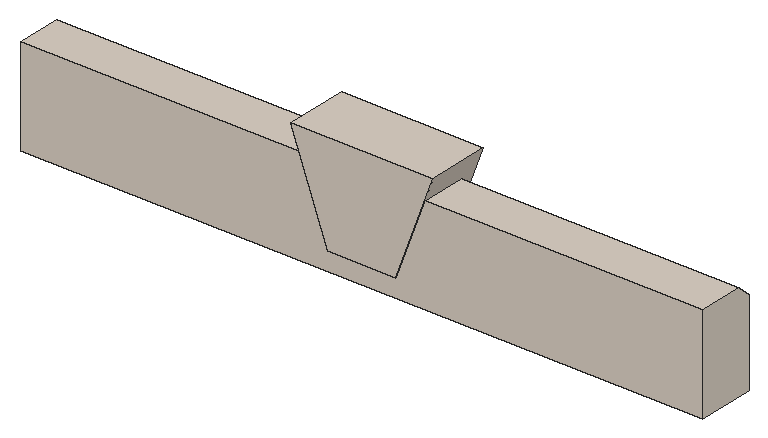
Revit family
Parameters (values of type "125 x 215mm Deep")
  Opening Width [instance] = 1210.0 mm
  Keynote = "F"
  Head Stone Width = 150.0 mm
  Head Stone Offset from Ext = 40.0 mm
  Head Stone Height = 225.0 mm
  Head Above Lintol = 50.0 mm
  Material Lintol = Stone Cill
  Height to U/S Lintol [instance] = 2110.0 mm
  Cill/Lintol Width = 125.0 mm
  Cill/Lintol Offset from Ext = 25.0 mm
  Cill/Lintol Length [instance] = Opening Width + 2 * (Cill Lintol Bearing)  # 1510.0 mm
  Cill/Lintol Depth = 215.0 mm
  Cill Lintol Bearing = 150.0 mm
Types (2, lengths in mm): name | Head Stone Width | Head Stone Height | Head Above Lintol | Cill/Lintol Depth
  125 x 215mm Deep | 150.0 | 225.0 | 50.0 | 215.0
  125 x 150mm Deep | 100.0 | 150.0 | 25.0 | 150.0
Reference planes
  plane 1 "Wall": y = -11.298
  plane 2 "Center (Left/Right)": x = 161.814
  plane 3 "Back": y = 138.702
  plane 4 "U/S Lintol": z = 2325
  plane 5: x = 766.814
  plane 6: x = -443.186
  plane 7: x = 916.814
  plane 8: x = -593.186
  plane 9: y = 163.702
  plane 10: y = 38.702
  plane 11: z = 2110
  plane 12: z = 2375
  plane 13: z = 2150
  plane 14: y = 178.702
  plane 15: x = 236.814
  plane 16: x = 86.814
Forms (mm)
  Extrusion 1, void
    sketch origin (0, 138.702, 0) x (-1, 0, 0) y (0, 0, 1)
      loop
        line (-916.814, 2325) -> (-916.814, 2110) -> (593.186, 2110) -> (593.186, 2325) -> (-916.814, 2325)
    from 0 to -100
  Extrusion 2, solid, material "Stone Cill" <- "Material Lintol"
    sketch origin (0, 138.702, 0) x (1, 0, 0) y (0, 0, 1)
      loop
        line (916.814, 2325) -> (-593.186, 2325) -> (-593.186, 2110) -> (916.814, 2110) -> (916.814, 2325)
    from -25 to 100
  Sweep 3, void
    path origin (-593.186, 38.702, 2110) x (1, 0, 0) y (0, 1, 0)
      loop
        line (65.147, 184.853) -> (150, 100) -> (1360, 100) -> (1444.853, 184.853)
    profile origin (161.814, 0, 0) x (0, 1, 0) y (0, 0, 1)
      loop
        line (163.702, 2110) -> (163.702, 2135) -> (138.702, 2110) -> (163.702, 2110)
  Sweep 4, void
    path in 3D
      loop
        line (-593.186, 163.702, 2325) -> (916.814, 163.702, 2325)
    profile origin (161.814, 0, 0) x (0, 1, 0) y (0, 0, 1)
      loop
        line (163.702, 2325) -> (138.702, 2325) -> (163.702, 2300) -> (163.702, 2325)
  Extrusion 5, solid, material "Stone Cill" <- "Material Lintol"
    sketch origin (472.054, 178.702, 0) x (0, 0, 1) y (1, 0, 0)
      loop
        line (2150, -385.24) -> (2375, -467.133) -> (2375, -153.346) -> (2150, -235.24) -> (2150, -385.24)
    from -140 to 0
Cuts and joins
  Sweep 3, Sweep 4 cuts Extrusion 2
Lines and regions (mm)
  sketch lines
    curve 1: line (-593.186, 163.702, 2325) -> (916.814, 163.702, 2325)
  symbolic lines, style "Window Cill"
    curve 2: line (0, 178.702, 2150) -> (0, 178.702, 2375)
    curve 3: line (0, 178.702, 2375) -> (0, 138.702, 2375)
    curve 4: line (0, 163.702, 2150) -> (0, 178.702, 2150)
Text (mm)
  text "Placement side" at (-1848.837, 1116.779, 0), in view "Ref. Level"
  text "Placement side" at (0, 1409.804, 2854.306), in view "Left"
  text "Placement side" at (0, 499.811, 2980.732), in view "Right"
Dimensions and locks
  locked: plane 3 "Back" to host wall
  equal spacing: plane 5, plane 2 "Center (Left/Right)", plane 6
  "Opening Width": plane 5 to plane 6
  "Cill Lintol Bearing": plane 7 to plane 5
  "Cill Lintol Bearing": plane 6 to plane 8
  "Cill/Lintol Offset from Ext": plane 3 "Back" to plane 9
  "Cill/Lintol Width": plane 10 to plane 9
  "Cill/Lintol Depth": plane 11 to plane 4 "U/S Lintol"
  "Height to U/S Lintol": level to plane 11
  "Cill/Lintol Offset from Ext": Sweep 3 sketch curve to plane 9
  "Cill/Lintol Offset from Ext": plane 11 to Sweep 3 sketch curve
  "Cill/Lintol Offset from Ext": Sweep 4 sketch curve to plane 9
  "Cill/Lintol Offset from Ext": Sweep 4 sketch curve to plane 4 "U/S Lintol"
  "Head Above Lintol": plane 4 "U/S Lintol" to plane 12
  "Head Stone Height": plane 13 to plane 12
  "Head Stone Offset from Ext": plane 3 "Back" to plane 14
  equal spacing: plane 15, plane 2 "Center (Left/Right)", plane 16
  "Head Stone Width": plane 15 to plane 16
  locked: Sweep 3 sketch curve to Sweep 3 sketch curve (angle 135.00°)  (x2)
  angle Extrusion 5 sketch curve to Extrusion 5 sketch curve = 70.00°
  angle plane 13 to Extrusion 5 sketch curve = 70.00°
  aligned and locked: plane 1 "Wall" to host wall
  aligned and locked: Extrusion 1 to plane 10
  aligned and locked: host wall to Extrusion 1
  aligned and locked: plane 9 to Extrusion 2
  aligned and locked: Extrusion 2 to plane 10
  aligned and locked: host wall to Sweep 3 sketch curve
  aligned and locked: plane 12 to Extrusion 5 sketch curve
  aligned and locked: Extrusion 5 sketch curve to plane 13
  aligned and locked: Extrusion 5 to plane 10
  aligned and locked: plane 14 to Extrusion 5
  aligned and locked: curve 2 to Extrusion 5
  aligned and locked: curve 3 to Extrusion 5
  aligned and locked: Extrusion 5 to curve 4
Automatic sketch dimensions
  Extrusion 1 sketch curve to plane 7 = 0.0 mm
  Extrusion 1 sketch curve to plane 8 = 0.0 mm
  Extrusion 1 sketch curve to plane 11 = 0.0 mm
  Extrusion 1 sketch curve to plane 4 "U/S Lintol" = 0.0 mm
  Extrusion 2 sketch curve to plane 4 "U/S Lintol" = 0.0 mm
  Extrusion 2 sketch curve to plane 8 = 0.0 mm
  Extrusion 2 sketch curve to plane 7 = 0.0 mm
  Extrusion 2 sketch curve to plane 11 = 0.0 mm
  Sweep 3 sketch curve to plane 6 = 0.0 mm
  Sweep 3 sketch curve to plane 5 = 0.0 mm
  plane 9 to Sweep 3 sketch curve = 59.853 mm  (x2)
  Sweep 3 sketch curve to profile plane = 0.0 mm
  Sweep 3 sketch curve to profile plane = 25.0 mm
  Sweep 4 sketch curve to profile plane = 0.0 mm  (x2)
  Extrusion 5 sketch curve to plane 16 = 0.0 mm
  Extrusion 5 sketch curve to plane 15 = 0.0 mm
  curve 3 to host wall = 0.0 mm
  curve 4 to plane 9 = 0.0 mm
